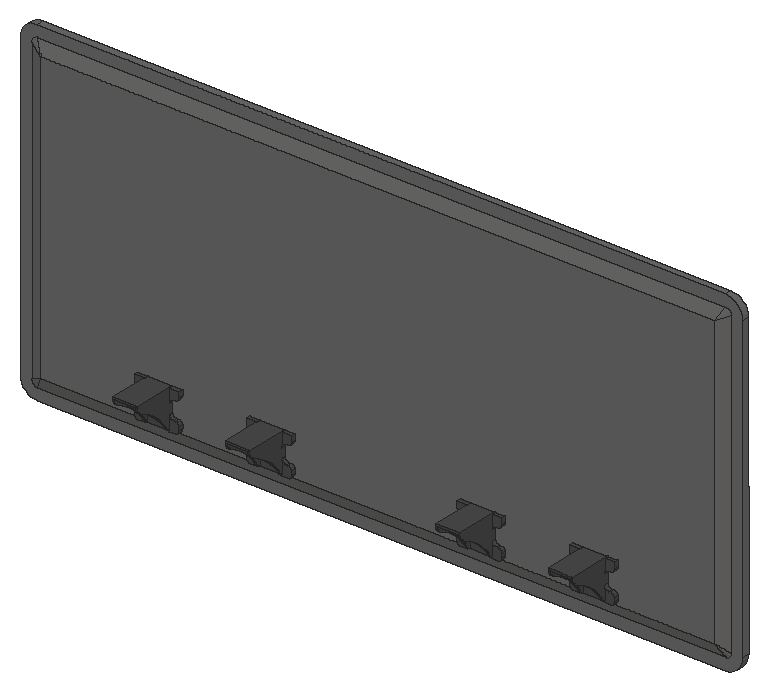
Revit family "Screens-Teknion-JNSEEH_Felt_Elevated_Height_Adjustable_Mounted-R2018", category Furniture, Revit 2018
Family settings
  OmniClass Number = 23.40.20.00
  OmniClass Title = General Furniture and Specialties
  Work Plane-Based = No
  Always vertical = Yes
  Cut with Voids When Loaded = No
  Shared = Yes
  Room Calculation Point = No
Parameters (values of type "22" from Floor Modesty Base Height, 51" Datum Height")
  Width [instance] = 61.000"
  Warranty = "http://www.teknion.com/ca/papers/legal-canada"
  Unit Weight URL = "http://www.teknion.com/ca/tools/assets#&asset=bee6a381-b954-425e-8283-5a2de3a804f2,f828d448-4b62-4231-9e5f-9a8991c0ed77"
  URL = "www.teknion.com"
  To render please download texture images found here [instance] = "https://assets.teknion.com/web/5e81352c1dfdb467/revit-material-swatches/"
  Sustainability Data = "https://www.teknion.com/ca/tools/assets#&topic=216f99a5-57a0-44fc-b10a-9dee9b29ae4c&asset=444deb64-fe58-4b68-981e-f75e97781df7,b4ff2d81-9f2e-437d-9659-7cffb09c31cf"
  Series = "Expansion Cityline"  # constant formula
  Product Page URL = "https://www.teknion.com/ca/products/product-details?productlineid=9ad2a26e-8e7a-673b-a6c8-ff05004460c4"
  Product Line = "Expansion Cityline"  # constant formula
  Product Documentation Link = "https://www.teknion.com/pricing/expansion-cityline/pdfs/JNSEEH_ppg.pdf"
  Part Number = "JNSEEH"  # constant formula
  Outer Bracket Spacing [instance] = if(Width > 30.000", 11.095", 6.469")  # 11.095"
  Modesty Base Height = 22.350"
  Model = "JNSEEH2251__SR"
  Manufacturer Phone = "416-661-3370"  # constant formula
  Manufacturer Fax = "416.661.4586"  # constant formula
  Manufacturer Contact Information = "http://www.teknion.com/ca/contactus"
  Manufacturer Address = "1150 Flint Road, Toronto, ON. M3J 2J5. Canada"  # constant formula
  Manufacturer = "Teknion"  # constant formula
  Inner Bracket Visibility [instance] = if(Width > 50.000", 1 < 2, 1 > 2)  # yes
  Inner Bracket Spacing [instance] = if(Width > 62.000", 12.000", 9.500")  # 9.500"
  How To Use Teknion Materials User Guide [instance] = "https://assets.teknion.com/m/205dd0a49fa58060/original/How-to-add-a-Material-Library-and-Texture-Images-to-your-Revit-project.pdf"
  Height = 50.830"
  For Additional Finishes please visit [instance] = "https://assets.teknion.com/m/44a8009b046e5d47/original/Teknion_Materials_Library.zip"
  Felt Finish [instance] = Fabric-Teknion-RB11-Carbon
  Description = "Felt Elevated Screen – Height-Adjustable Table Mounted, 22\" Modesty Base Height from Floor, 51\" Datum Height, Standard Width, Radius Corner Detail"
  Available Widths [instance] = "23, 29, 46, 49, 52, 55, 58, 61, 64, 67, 70, 73, 76, 79, or 82 inches."  # constant formula
  Assembly Code = "E2020200"
Types (5): name | Modesty Base Height | Model | Height | Description
  (no name) | 22.350" | "JNSEEH2251__SR" | 50.830" | "Felt Elevated Screen – Height-Adjustable Table Mounted, 22\" Modesty Base Height from Floor, 51\" Datum Height, Standard Width, Radius Corner Detail"
  18" from Floor Modesty Base Height, 42" Datum Height | 18.250" | "JNSEEH1842__SR" | 42.000" | "Felt Elevated Screen – Height-Adjustable Table Mounted, 18\" Modesty Base Height from Floor, 42\" Datum Height, Standard Width, Radius Corner Detail"
  18" from Floor Modesty Base Height, 51" Datum Height | 18.250" | "JNSEEH1851__SR" | 50.830" | "Felt Elevated Screen – Height-Adjustable Table Mounted, 18\" Modesty Base Height from Floor, 51\" Datum Height, Standard Width, Radius Corner Detail"
  22" from Floor Modesty Base Height, 42" Datum Height | 22.350" | "JNSEEH2242__SR" | 42.000" | "Felt Elevated Screen – Height-Adjustable Table Mounted, 22\" Modesty Base Height from Floor, 42\" Datum Height, Standard Width, Radius Corner Detail"
  22" from Floor Modesty Base Height, 51" Datum Height | 22.350" | "JNSEEH2251__SR" | 50.830" | "Felt Elevated Screen – Height-Adjustable Table Mounted, 22\" Modesty Base Height from Floor, 51\" Datum Height, Standard Width, Radius Corner Detail"
Reference planes (in)
  plane 1 "Center Front/Back": y = 0
  plane 2: z = 0
  plane 3 "Center Left/Right": x = 0
  plane 4 "Left": x = -30.5
  plane 5 "Right": x = 30.5
  plane 6 "Back": y = 0.70276
  plane 7 "Front": y = -0.70276
  plane 8 "Top": z = 50.83
  plane 9: z = 22.35
Forms (in)
  Sweep 1, solid, material "Fabric-Teknion-RB11-Carbon" <- "Felt Finish"
    path origin (0, 0, 0) x (1, 0, 0) y (0, 1, 0)
      loop
        line (0, -0.27559) -> (0, 0.27559)
    profile origin (0, 0, 0) x (-1, 0, 0) y (0, 0, 1)
      loop
        line (29, 50.83) -> (-29, 50.83)
        arc (-29, 50.83) -> (-30.06066, 50.39066) -> (-30.5, 49.33) r 1.5
        line (-30.5, 49.33) -> (-30.5, 23.85)
        arc (-30.5, 23.85) -> (-30.06066, 22.78934) -> (-29, 22.35) r 1.5
        line (-29, 22.35) -> (29, 22.35)
        arc (29, 22.35) -> (30.06066, 22.78934) -> (30.5, 23.85) r 1.5
        line (30.5, 23.85) -> (30.5, 49.33)
        arc (30.5, 49.33) -> (30.06066, 50.39066) -> (29, 50.83) r 1.5
  Blend 2, solid, material "Fabric-Teknion-RB11-Carbon" <- "Felt Finish"
    base sketch origin (0, 0, 0) x (1, 0, 0) y (0, 0, 1)
      loop
        arc (-29, 49.83) -> (-29.35355, 49.68355) -> (-29.5, 49.33) r 0.5
        line (-29.5, 49.33) -> (-29.5, 23.85)
        arc (-29.5, 23.85) -> (-29.35355, 23.49645) -> (-29, 23.35) r 0.5
        line (-29, 23.35) -> (29, 23.35)
        arc (29, 23.35) -> (29.35355, 23.49645) -> (29.5, 23.85) r 0.5
        line (29.5, 23.85) -> (29.5, 49.33)
        arc (29.5, 49.33) -> (29.35355, 49.68355) -> (29, 49.83) r 0.5
        line (29, 49.83) -> (-29, 49.83)
    top sketch origin (0, 0, 0) x (1, 0, 0) y (0, 0, 1)
      loop
        line (28.45166, 48.78166) -> (-28.45166, 48.78166) -> (-28.45166, 24.39834) -> (28.45166, 24.39834) -> (28.45166, 48.78166)
    from 0.27559 to 0.70276
  Blend 3, solid, material "Fabric-Teknion-RB11-Carbon" <- "Felt Finish"
    base sketch origin (0, 0.03125, 0) x (-1, 0, 0) y (0, 0, 1)
      loop
        arc (-29, 49.83) -> (-29.35355, 49.68355) -> (-29.5, 49.33) r 0.5
        line (-29.5, 49.33) -> (-29.5, 23.85)
        arc (-29.5, 23.85) -> (-29.35355, 23.49645) -> (-29, 23.35) r 0.5
        line (-29, 23.35) -> (29, 23.35)
        arc (29, 23.35) -> (29.35355, 23.49645) -> (29.5, 23.85) r 0.5
        line (29.5, 23.85) -> (29.5, 49.33)
        arc (29.5, 49.33) -> (29.35355, 49.68355) -> (29, 49.83) r 0.5
        line (29, 49.83) -> (-29, 49.83)
    top sketch origin (0, 0.03125, 0) x (-1, 0, 0) y (0, 0, 1)
      loop
        line (28.45166, 48.78166) -> (-28.45166, 48.78166) -> (-28.45166, 24.39834) -> (28.45166, 24.39834) -> (28.45166, 48.78166)
    from 0.24434 to 0.67151
  Sweep 4, solid, material "Paint - Teknion - 52 - Ebony"
    path origin (0, 0, 0) x (1, 0, 0) y (0, 1, 0)
      loop
        line (-17.3424, -2.45276) -> (-19.405, -2.45276)
    profile origin (-18.3737, -2.45276, 0) x (0, -1, 0) y (0, 0, 1)
      loop
        line (-1.75, 27.81102) -> (-1.75, 24.48031) -> (-1.60828, 24.48774)
        arc (-1.60828, 24.48774) -> (-1.44203, 24.53444) -> (-1.31185, 24.6479) r 0.39302
        arc (-1.31185, 24.6479) -> (-1.15514, 24.89222) -> (-0.98321, 25.12607) r 4.56045
        arc (-0.98321, 25.12607) -> (0.16898, 26.27532) -> (1.56283, 27.11526) r 6.74709
        arc (1.56283, 27.11526) -> (1.81666, 27.3329) -> (1.91142, 27.65354) r 0.5899
        line (1.91142, 27.65354) -> (1.91142, 27.81102) -> (-1.75, 27.81102)
  Sweep 5, void
    path origin (0, 0, 0) x (1, 0, 0) y (0, 1, 0)
      loop
        line (-18.37402, -4.94685) -> (-18.37402, -0.94685)
    profile origin (-18.37402, -2.94685, 0) x (-1, 0, 0) y (0, 0, 1)
      loop
        line (0.8735, 27.65354) -> (-0.8765, 27.65354) -> (-0.8765, 23.65354) -> (0.8735, 23.65354) -> (0.8735, 27.65354)
  Sweep 6, solid, material "Paint - Teknion - 52 - Ebony"
    path origin (0, 0, 0) x (1, 0, 0) y (0, 1, 0)
      loop
        line (-19.61621, -0.70276) -> (-19.61621, -1.03898)
    profile origin (-19.61621, -0.87087, 0) x (1, 0, 0) y (0, 0, 1)
      loop
        line (-0.64725, 27.81102) -> (-0.64725, 27.29921)
        arc (-0.64725, 27.29921) -> (-0.555, 27.0765) -> (-0.33229, 26.98425) r 0.31496
        line (-0.33229, 26.98425) -> (-0.18249, 26.98425)
        arc (-0.18249, 26.98425) -> (0.0959, 26.86894) -> (0.21121, 26.59055) r 0.3937
        line (0.21121, 26.59055) -> (0.21121, 27.81102) -> (-0.64725, 27.81102)
      loop
        arc (2.80989, 24.48031) -> (3.03785, 24.57474) -> (3.13227, 24.80269) r 0.32238
        line (3.13227, 24.80269) -> (3.13227, 25.11765)
        arc (3.13227, 25.11765) -> (3.04002, 25.34036) -> (2.81731, 25.43261) r 0.31496
        line (2.81731, 25.43261) -> (2.66751, 25.43261)
        arc (2.66751, 25.43261) -> (2.38912, 25.54793) -> (2.27381, 25.82632) r 0.3937
        line (2.27381, 25.82632) -> (2.27381, 24.48031) -> (2.80989, 24.48031)
      loop
        arc (-0.33229, 25.4252) -> (-0.555, 25.33295) -> (-0.64725, 25.11024) r 0.31496
        line (-0.64725, 25.11024) -> (-0.64725, 24.79528)
        arc (-0.64725, 24.79528) -> (-0.555, 24.57256) -> (-0.33229, 24.48031) r 0.31496
        line (-0.33229, 24.48031) -> (0.21121, 24.48031) -> (0.21121, 25.8189)
        arc (0.21121, 25.8189) -> (0.0959, 25.54051) -> (-0.18249, 25.4252) r 0.3937
        line (-0.18249, 25.4252) -> (-0.33229, 25.4252)
      loop
        arc (2.81731, 26.98425) -> (3.04002, 27.0765) -> (3.13227, 27.29921) r 0.31496
        line (3.13227, 27.29921) -> (3.13227, 27.81102) -> (2.27381, 27.81102) -> (2.27381, 26.59055)
        arc (2.27381, 26.59055) -> (2.38912, 26.86894) -> (2.66751, 26.98425) r 0.3937
        line (2.66751, 26.98425) -> (2.81731, 26.98425)
  Sweep 7, solid, material "Paint - Teknion - 52 - Ebony", visible <- "Inner Bracket Visibility"
    path origin (12, 0, 0) x (1, 0, 0) y (0, 1, 0)
      loop
        line (-19.8424, -2.45276) -> (-21.905, -2.45276)
    profile origin (-8.8737, -2.45276, 0) x (0, -1, 0) y (0, 0, 1)
      loop
        line (-1.75, 27.81102) -> (-1.75, 24.48031) -> (-1.60828, 24.48774)
        arc (-1.60828, 24.48774) -> (-1.44203, 24.53444) -> (-1.31185, 24.6479) r 0.39302
        arc (-1.31185, 24.6479) -> (-1.15514, 24.89222) -> (-0.98321, 25.12607) r 4.56045
        arc (-0.98321, 25.12607) -> (0.16898, 26.27532) -> (1.56283, 27.11526) r 6.74709
        arc (1.56283, 27.11526) -> (1.81666, 27.3329) -> (1.91142, 27.65354) r 0.5899
        line (1.91142, 27.65354) -> (1.91142, 27.81102) -> (-1.75, 27.81102)
  Sweep 8, void
    path origin (12, 0, 0) x (1, 0, 0) y (0, 1, 0)
      loop
        line (-28.87402, -4.94685) -> (-28.87402, -0.94685)
    profile origin (-16.87402, -2.94685, 0) x (-1, 0, 0) y (0, 0, 1)
      loop
        line (-7.1265, 27.65354) -> (-8.8765, 27.65354) -> (-8.8765, 23.65354) -> (-7.1265, 23.65354) -> (-7.1265, 27.65354)
  Sweep 9, solid, material "Paint - Teknion - 52 - Ebony", visible <- "Inner Bracket Visibility"
    path origin (12, 0, 0) x (1, 0, 0) y (0, 1, 0)
      loop
        line (-30.11621, -0.70276) -> (-30.11621, -1.03898)
    profile origin (-18.11621, -0.87087, 0) x (1, 0, 0) y (0, 0, 1)
      loop
        line (7.35275, 27.81102) -> (7.35275, 27.29921)
        arc (7.35275, 27.29921) -> (7.445, 27.0765) -> (7.66771, 26.98425) r 0.31496
        line (7.66771, 26.98425) -> (7.81751, 26.98425)
        arc (7.81751, 26.98425) -> (8.0959, 26.86894) -> (8.21121, 26.59055) r 0.3937
        line (8.21121, 26.59055) -> (8.21121, 27.81102) -> (7.35275, 27.81102)
      loop
        arc (10.80989, 24.48031) -> (11.03785, 24.57474) -> (11.13227, 24.80269) r 0.32238
        line (11.13227, 24.80269) -> (11.13227, 25.11765)
        arc (11.13227, 25.11765) -> (11.04002, 25.34036) -> (10.81731, 25.43261) r 0.31496
        line (10.81731, 25.43261) -> (10.66751, 25.43261)
        arc (10.66751, 25.43261) -> (10.38912, 25.54793) -> (10.27381, 25.82632) r 0.3937
        line (10.27381, 25.82632) -> (10.27381, 24.48031) -> (10.80989, 24.48031)
      loop
        arc (7.66771, 25.4252) -> (7.445, 25.33295) -> (7.35275, 25.11024) r 0.31496
        line (7.35275, 25.11024) -> (7.35275, 24.79528)
        arc (7.35275, 24.79528) -> (7.445, 24.57256) -> (7.66771, 24.48031) r 0.31496
        line (7.66771, 24.48031) -> (8.21121, 24.48031) -> (8.21121, 25.8189)
        arc (8.21121, 25.8189) -> (8.0959, 25.54051) -> (7.81751, 25.4252) r 0.3937
        line (7.81751, 25.4252) -> (7.66771, 25.4252)
      loop
        arc (10.81731, 26.98425) -> (11.04002, 27.0765) -> (11.13227, 27.29921) r 0.31496
        line (11.13227, 27.29921) -> (11.13227, 27.81102) -> (10.27381, 27.81102) -> (10.27381, 26.59055)
        arc (10.27381, 26.59055) -> (10.38912, 26.86894) -> (10.66751, 26.98425) r 0.3937
        line (10.66751, 26.98425) -> (10.81731, 26.98425)
  Sweep 10, solid, material "Paint - Teknion - 52 - Ebony", visible <- "Inner Bracket Visibility"
    path origin (45.74772, 0, 0) x (1, 0, 0) y (0, 1, 0)
      loop
        line (-35.84272, -2.45276) -> (-37.90531, -2.45276)
    profile origin (8.8737, -2.45276, 0) x (0, -1, 0) y (0, 0, 1)
      loop
        line (-1.75, 27.81102) -> (-1.75, 24.48031) -> (-1.60828, 24.48774)
        arc (-1.60828, 24.48774) -> (-1.44203, 24.53444) -> (-1.31185, 24.6479) r 0.39302
        arc (-1.31185, 24.6479) -> (-1.15514, 24.89222) -> (-0.98321, 25.12607) r 4.56045
        arc (-0.98321, 25.12607) -> (0.16898, 26.27532) -> (1.56283, 27.11526) r 6.74709
        arc (1.56283, 27.11526) -> (1.81666, 27.3329) -> (1.91142, 27.65354) r 0.5899
        line (1.91142, 27.65354) -> (1.91142, 27.81102) -> (-1.75, 27.81102)
  Sweep 11, void
    path origin (45.74772, 0, 0) x (1, 0, 0) y (0, 1, 0)
      loop
        line (-28.87402, -4.94685) -> (-28.87402, -0.94685)
    profile origin (16.8737, -2.94685, 0) x (-1, 0, 0) y (0, 0, 1)
      loop
        line (8.87382, 27.65354) -> (7.12382, 27.65354) -> (7.12382, 23.65354) -> (8.87382, 23.65354) -> (8.87382, 27.65354)
  Sweep 12, solid, material "Paint - Teknion - 52 - Ebony", visible <- "Inner Bracket Visibility"
    path origin (45.74772, 0, 0) x (1, 0, 0) y (0, 1, 0)
      loop
        line (-30.11621, -0.70276) -> (-30.11621, -1.03898)
    profile origin (15.63151, -0.87087, 0) x (1, 0, 0) y (0, 0, 1)
      loop
        line (-8.64757, 27.81102) -> (-8.64757, 27.29921)
        arc (-8.64757, 27.29921) -> (-8.55532, 27.0765) -> (-8.33261, 26.98425) r 0.31496
        line (-8.33261, 26.98425) -> (-8.18281, 26.98425)
        arc (-8.18281, 26.98425) -> (-7.90442, 26.86894) -> (-7.78911, 26.59055) r 0.3937
        line (-7.78911, 26.59055) -> (-7.78911, 27.81102) -> (-8.64757, 27.81102)
      loop
        arc (-5.19042, 24.48031) -> (-4.96246, 24.57474) -> (-4.86804, 24.80269) r 0.32238
        line (-4.86804, 24.80269) -> (-4.86804, 25.11765)
        arc (-4.86804, 25.11765) -> (-4.96029, 25.34036) -> (-5.183, 25.43261) r 0.31496
        line (-5.183, 25.43261) -> (-5.33281, 25.43261)
        arc (-5.33281, 25.43261) -> (-5.61119, 25.54793) -> (-5.72651, 25.82632) r 0.3937
        line (-5.72651, 25.82632) -> (-5.72651, 24.48031) -> (-5.19042, 24.48031)
      loop
        arc (-8.33261, 25.4252) -> (-8.55532, 25.33295) -> (-8.64757, 25.11024) r 0.31496
        line (-8.64757, 25.11024) -> (-8.64757, 24.79528)
        arc (-8.64757, 24.79528) -> (-8.55532, 24.57256) -> (-8.33261, 24.48031) r 0.31496
        line (-8.33261, 24.48031) -> (-7.78911, 24.48031) -> (-7.78911, 25.8189)
        arc (-7.78911, 25.8189) -> (-7.90442, 25.54051) -> (-8.18281, 25.4252) r 0.3937
        line (-8.18281, 25.4252) -> (-8.33261, 25.4252)
      loop
        arc (-5.183, 26.98425) -> (-4.96029, 27.0765) -> (-4.86804, 27.29921) r 0.31496
        line (-4.86804, 27.29921) -> (-4.86804, 27.81102) -> (-5.72651, 27.81102) -> (-5.72651, 26.59055)
        arc (-5.72651, 26.59055) -> (-5.61119, 26.86894) -> (-5.33281, 26.98425) r 0.3937
        line (-5.33281, 26.98425) -> (-5.183, 26.98425)
  Sweep 13, solid, material "Paint - Teknion - 52 - Ebony"
    path origin (57.74772, 0, 0) x (1, 0, 0) y (0, 1, 0)
      loop
        line (-38.34272, -2.45276) -> (-40.40531, -2.45276)
    profile origin (18.3737, -2.45276, 0) x (0, -1, 0) y (0, 0, 1)
      loop
        line (-1.75, 27.81102) -> (-1.75, 24.48031) -> (-1.60828, 24.48774)
        arc (-1.60828, 24.48774) -> (-1.44203, 24.53444) -> (-1.31185, 24.6479) r 0.39302
        arc (-1.31185, 24.6479) -> (-1.15514, 24.89222) -> (-0.98321, 25.12607) r 4.56045
        arc (-0.98321, 25.12607) -> (0.16898, 26.27532) -> (1.56283, 27.11526) r 6.74709
        arc (1.56283, 27.11526) -> (1.81666, 27.3329) -> (1.91142, 27.65354) r 0.5899
        line (1.91142, 27.65354) -> (1.91142, 27.81102) -> (-1.75, 27.81102)
  Sweep 14, void
    path origin (57.74772, 0, 0) x (1, 0, 0) y (0, 1, 0)
      loop
        line (-39.37402, -4.94685) -> (-39.37402, -0.94685)
    profile origin (18.3737, -2.94685, 0) x (-1, 0, 0) y (0, 0, 1)
      loop
        line (0.87382, 27.65354) -> (-0.87618, 27.65354) -> (-0.87618, 23.65354) -> (0.87382, 23.65354) -> (0.87382, 27.65354)
  Sweep 15, solid, material "Paint - Teknion - 52 - Ebony"
    path origin (57.74772, 0, 0) x (1, 0, 0) y (0, 1, 0)
      loop
        line (-40.61621, -0.70276) -> (-40.61621, -1.03898)
    profile origin (17.13151, -0.87087, 0) x (1, 0, 0) y (0, 0, 1)
      loop
        line (-0.64757, 27.81102) -> (-0.64757, 27.29921)
        arc (-0.64757, 27.29921) -> (-0.55532, 27.0765) -> (-0.33261, 26.98425) r 0.31496
        line (-0.33261, 26.98425) -> (-0.18281, 26.98425)
        arc (-0.18281, 26.98425) -> (0.09558, 26.86894) -> (0.21089, 26.59055) r 0.3937
        line (0.21089, 26.59055) -> (0.21089, 27.81102) -> (-0.64757, 27.81102)
      loop
        arc (2.80958, 24.48031) -> (3.03754, 24.57474) -> (3.13196, 24.80269) r 0.32238
        line (3.13196, 24.80269) -> (3.13196, 25.11765)
        arc (3.13196, 25.11765) -> (3.03971, 25.34036) -> (2.817, 25.43261) r 0.31496
        line (2.817, 25.43261) -> (2.66719, 25.43261)
        arc (2.66719, 25.43261) -> (2.38881, 25.54793) -> (2.27349, 25.82632) r 0.3937
        line (2.27349, 25.82632) -> (2.27349, 24.48031) -> (2.80958, 24.48031)
      loop
        arc (-0.33261, 25.4252) -> (-0.55532, 25.33295) -> (-0.64757, 25.11024) r 0.31496
        line (-0.64757, 25.11024) -> (-0.64757, 24.79528)
        arc (-0.64757, 24.79528) -> (-0.55532, 24.57256) -> (-0.33261, 24.48031) r 0.31496
        line (-0.33261, 24.48031) -> (0.21089, 24.48031) -> (0.21089, 25.8189)
        arc (0.21089, 25.8189) -> (0.09558, 25.54051) -> (-0.18281, 25.4252) r 0.3937
        line (-0.18281, 25.4252) -> (-0.33261, 25.4252)
      loop
        arc (2.817, 26.98425) -> (3.03971, 27.0765) -> (3.13196, 27.29921) r 0.31496
        line (3.13196, 27.29921) -> (3.13196, 27.81102) -> (2.27349, 27.81102) -> (2.27349, 26.59055)
        arc (2.27349, 26.59055) -> (2.38881, 26.86894) -> (2.66719, 26.98425) r 0.3937
        line (2.66719, 26.98425) -> (2.817, 26.98425)
Cuts and joins
  Sweep 5, Sweep 8, Sweep 11 cuts Sweep 4
  Sweep 8, Sweep 14 cuts Sweep 7
  Sweep 11 cuts Sweep 10
  Sweep 14 cuts Sweep 13
Lines and regions (in)
  Masking region 1
    outline origin (0, 0, 0) x (1, 0, 0) y (0, 1, 0)
      loop
        line (30.5, 0.27559) -> (-30.5, 0.27559) -> (-30.5, -0.27559) -> (30.5, -0.27559) -> (30.5, 0.27559)
  Masking region 2
    outline origin (0, 0, 0) x (1, 0, 0) y (0, 1, 0)
      loop
        line (29.5, 0.27559) -> (28.45166, 0.70276) -> (-28.45166, 0.70276) -> (-29.5, 0.27559) -> (29.5, 0.27559)
  Masking region 3
    outline origin (0, 0, 0) x (1, 0, 0) y (0, 1, 0)
      loop
        line (-28.45166, -0.70276) -> (28.45166, -0.70276) -> (29.5, -0.27559) -> (-29.5, -0.27559) -> (-28.45166, -0.70276)
  Masking region 4, detail levels medium+fine
    outline origin (0, 0, 0) x (1, 0, 0) y (0, 1, 0)
      loop
        line (-20.26346, -0.70276) -> (-20.26346, -1.03898) -> (-19.405, -1.03898) -> (-19.405, -0.70276) -> (-20.26346, -0.70276)
      loop
        line (-17.3424, -0.70276) -> (-17.3424, -1.03898) -> (-16.48394, -1.03898) -> (-16.48394, -0.70276) -> (-17.3424, -0.70276)
  Masking region 5, detail levels medium+fine
    outline origin (0, 0, 0) x (1, 0, 0) y (0, 1, 0)
      loop
        line (-19.405, -4.36417) -> (-17.3424, -4.36417) -> (-17.3424, -0.70276) -> (-19.405, -0.70276) -> (-19.405, -4.36417)
  Masking region 6, visible <- "Inner Bracket Visibility", detail levels medium+fine
    outline origin (0, 0, 0) x (1, 0, 0) y (0, 1, 0)
      loop
        line (-10.76346, -0.70276) -> (-10.76346, -1.03898) -> (-9.905, -1.03898) -> (-9.905, -0.70276) -> (-10.76346, -0.70276)
      loop
        line (-7.8424, -1.03898) -> (-6.98394, -1.03898) -> (-6.98394, -0.70276) -> (-7.8424, -0.70276) -> (-7.8424, -1.03898)
  Masking region 7, visible <- "Inner Bracket Visibility", detail levels medium+fine
    outline origin (0, 0, 0) x (1, 0, 0) y (0, 1, 0)
      loop
        line (-9.905, -0.70276) -> (-9.905, -4.36417) -> (-7.8424, -4.36417) -> (-7.8424, -0.70276) -> (-9.905, -0.70276)
  Masking region 8, visible <- "Inner Bracket Visibility", detail levels medium+fine
    outline origin (0, 0, 0) x (1, 0, 0) y (0, 1, 0)
      loop
        line (6.98394, -1.03898) -> (7.8424, -1.03898) -> (7.8424, -0.70276) -> (6.98394, -0.70276) -> (6.98394, -1.03898)
      loop
        line (9.905, -0.70276) -> (9.905, -1.03898) -> (10.76346, -1.03898) -> (10.76346, -0.70276) -> (9.905, -0.70276)
  Masking region 9, visible <- "Inner Bracket Visibility", detail levels medium+fine
    outline origin (0, 0, 0) x (1, 0, 0) y (0, 1, 0)
      loop
        line (7.8424, -4.36417) -> (9.905, -4.36417) -> (9.905, -0.70276) -> (7.8424, -0.70276) -> (7.8424, -4.36417)
  Masking region 10, detail levels medium+fine
    outline origin (0, 0, 0) x (1, 0, 0) y (0, 1, 0)
      loop
        line (16.48394, -1.03898) -> (17.3424, -1.03898) -> (17.3424, -0.70276) -> (16.48394, -0.70276) -> (16.48394, -1.03898)
      loop
        line (19.405, -1.03898) -> (20.26346, -1.03898) -> (20.26346, -0.70276) -> (19.405, -0.70276) -> (19.405, -1.03898)
  Masking region 11, detail levels medium+fine
    outline origin (0, 0, 0) x (1, 0, 0) y (0, 1, 0)
      loop
        line (17.3424, -0.70276) -> (17.3424, -4.36417) -> (19.405, -4.36417) -> (19.405, -0.70276) -> (17.3424, -0.70276)
  symbolic lines, style "FurnitureHiddenLines", detail levels medium+fine
    curve 1: line (-19.24752, -0.94685, 0) -> (-19.24752, -4.36417, 0)
    curve 2: line (-17.49752, -0.94685, 0) -> (-19.24752, -0.94685, 0)
    curve 3: line (-17.49752, -4.36417, 0) -> (-17.49752, -0.94685, 0)
    curve 16: line (17.49988, -0.94685, 0) -> (17.49988, -4.36417, 0)
    curve 17: line (19.24988, -0.94685, 0) -> (17.49988, -0.94685, 0)
    curve 18: line (19.24988, -4.36417, 0) -> (19.24988, -0.94685, 0)
  symbolic lines, style "FurnitureHiddenLines", detail levels fine
    curve 4: line (-17.49752, -1.14091, 0) -> (-17.3424, -1.14091, 0)
    curve 5: line (-19.405, -1.14091, 0) -> (-19.24752, -1.14091, 0)
    curve 19: line (17.3424, -1.14091, 0) -> (17.49988, -1.14091, 0)
    curve 20: line (19.24988, -1.14091, 0) -> (19.405, -1.14091, 0)
  symbolic lines, style "FurnitureHiddenLines", visible <- "Inner Bracket Visibility", detail levels medium+fine
    curve 6: line (-7.99752, -4.36417, 0) -> (-7.99752, -0.94685, 0)
    curve 7: line (-7.99752, -0.94685, 0) -> (-9.74752, -0.94685, 0)
    curve 8: line (-9.74752, -0.94685, 0) -> (-9.74752, -4.36417, 0)
    curve 13: line (7.99988, -0.94685, 0) -> (7.99988, -4.36417, 0)
    curve 14: line (9.74988, -0.94685, 0) -> (7.99988, -0.94685, 0)
    curve 15: line (9.74988, -4.36417, 0) -> (9.74988, -0.94685, 0)
  symbolic lines, style "FurnitureHiddenLines", visible <- "Inner Bracket Visibility", detail levels fine
    curve 9: line (-9.905, -1.14091, 0) -> (-9.74752, -1.14091, 0)
    curve 10: line (-7.99752, -1.14091, 0) -> (-7.8424, -1.14091, 0)
    curve 11: line (7.8424, -1.14091, 0) -> (7.99988, -1.14091, 0)
    curve 12: line (9.74988, -1.14091, 0) -> (9.905, -1.14091, 0)
  reference lines
    curve 21: line (-30.5, 0.70276, 0) -> (-30.5, -0.70276, 0)
    curve 22: line (30.5, 0.70276, 0) -> (30.5, -0.70276, 0)
Dimensions and locks (in)
  "Width": plane 4 "Left" to plane 5 "Right"
  plane 6 "Back" to plane 1 "Center Front/Back" to plane 7 "Front" = 0.70276" locked, 0.70276" locked
  "Height": plane 8 "Top" to level
  Blend 2 sketch curve to Blend 2 sketch curve to Blend 2 sketch curve to plane 4 "Left" = 0.000", 0.500" locked, 1.000" locked
  Blend 2 sketch curve to Blend 2 sketch curve to Blend 2 sketch curve to plane 5 "Right" = 0.000" locked, 0.500" locked, 1.000" locked
  plane 8 "Top" to Blend 2 sketch curve to Blend 2 sketch curve to Blend 2 sketch curve = 1.000" locked, 0.500" locked, 0.000" locked
  locked: Blend 2 sketch curve to plane 4 "Left" at 2.04834
  locked: plane 8 "Top" to Blend 2 sketch curve at 2.04834
  locked: Blend 2 sketch curve to plane 5 "Right" at 2.04834
  "Modesty Base Height": plane 9 to level
  Blend 2 sketch curve to Blend 2 sketch curve to Blend 2 sketch curve to plane 9 = 0.000" locked, 0.500" locked, 1.000" locked
  locked: Blend 2 sketch curve to plane 9 at 2.04834
  locked: plane 8 "Top" to Sweep 1 sketch curve at 1.5  (x2)
  locked: Sweep 1 sketch curve to plane 4 "Left" at 1.5  (x2)
  locked: Sweep 1 sketch curve to plane 5 "Right" at 1.5  (x2)
  locked: Sweep 1 sketch curve to plane 9 at 1.5  (x2)
  Blend 3 sketch curve to Blend 3 sketch curve to Blend 3 sketch curve to plane 5 "Right" = 0.000" locked, 0.500" locked, 1.000" locked
  Blend 3 sketch curve to Blend 3 sketch curve to Blend 3 sketch curve to plane 4 "Left" = 0.000" locked, 0.500" locked, 1.000" locked
  plane 8 "Top" to Blend 3 sketch curve to Blend 3 sketch curve to Blend 3 sketch curve = 1.000" locked, 0.500" locked, 0.000" locked
  Blend 3 sketch curve to Blend 3 sketch curve to Blend 3 sketch curve to plane 9 = 0.000" locked, 0.500" locked, 1.000" locked
  locked: Blend 3 sketch curve to plane 4 "Left" at 2.04834
  locked: plane 8 "Top" to Blend 3 sketch curve at 2.04834
  locked: Blend 3 sketch curve to plane 5 "Right" at 2.04834
  locked: Blend 3 sketch curve to plane 9 at 2.04834
  plane 7 "Front" to Sweep 4 sketch curve to Sweep 4 sketch curve to Sweep 4 sketch curve to Sweep 4 sketch curve to Sweep 4 sketch curve = 0.12115" locked, 0.02057" locked, 2.9298" locked, 0.5899" locked, 2.41149" locked
  level to Sweep 4 sketch curve to Sweep 4 sketch curve to Sweep 4 sketch curve to Sweep 4 sketch curve to Sweep 4 sketch curve to Sweep 4 sketch curve = 20.95854" locked, 3.52178" locked, 0.00743" locked, 0.39248" locked, 2.77332" locked, 0.15748" locked
  Sweep 5 sketch curve to Sweep 5 sketch curve to plane 1 "Center Front/Back" = 4.000" locked, 0.94685" locked
  locked: plane 4 "Left" to Sweep 5 sketch curve at 12.12598
  locked: Sweep 5 sketch curve to Sweep 5 sketch curve at 1.75
  Sweep 5 sketch curve to Sweep 5 sketch curve to level = 4.000" locked, 23.65354" locked
  locked: Sweep 6 sketch curve to plane 7 "Front" at 0.33622
  Sweep 6 sketch curve to Sweep 6 sketch curve to Sweep 6 sketch curve to Sweep 6 sketch curve to Sweep 6 sketch curve to Sweep 6 sketch curve to Sweep 6 sketch curve to Sweep 6 sketch curve to Sweep 6 sketch curve to Sweep 6 sketch curve to Sweep 6 sketch curve to Sweep 6 sketch curve to Sweep 6 sketch curve to Sweep 6 sketch curve to Sweep 6 sketch curve to Sweep 6 sketch curve = 0.31496" locked, 0.000" locked, 0.00742" locked, 0.14239" locked, 0.000" locked, 0.3937" locked, 0.000" locked, 2.0626" locked, 0.000" locked, 0.3937" locked, 0.000" locked, 0.1498" locked, 0.000" locked, 0.000" locked, 0.31496" locked
  Sweep 6 sketch curve to Sweep 6 sketch curve to Sweep 6 sketch curve to Sweep 6 sketch curve to Sweep 6 sketch curve to Sweep 6 sketch curve to Sweep 6 sketch curve to Sweep 6 sketch curve to plane 2 = 0.51181" locked, 0.70866" locked, 0.77165" locked, 0.3937" locked, 0.31496" locked, 0.31496" locked, 0.31496" locked, 24.48031" locked
  Sweep 6 sketch curve to Sweep 6 sketch curve to Sweep 6 sketch curve to Sweep 6 sketch curve to Sweep 6 sketch curve to Sweep 6 sketch curve to Sweep 6 sketch curve to Sweep 6 sketch curve to Sweep 6 sketch curve to level = 0.51181" locked, 0.31496" locked, 0.3937" locked, 0.76424" locked, 0.3937" locked, 0.31496" locked, 0.31496" locked, 0.32238" locked, 24.48031" locked
  locked: Sweep 4 sketch curve to Sweep 4 sketch curve at 2.0626
  "Outer Bracket Spacing": plane 4 "Left" to Sweep 4 sketch curve
  "Outer Bracket Spacing": plane 4 "Left" to Sweep 6 sketch curve
  locked: Sweep 5 sketch curve to Sweep 6 at 1.01594
  Sweep 7 sketch curve to Sweep 7 sketch curve to Sweep 7 sketch curve to Sweep 7 sketch curve to Sweep 7 sketch curve = 0.02057" locked, 2.9298" locked, 0.5899" locked, 2.41149" locked
  Sweep 7 sketch curve to Sweep 7 sketch curve to Sweep 7 sketch curve to Sweep 7 sketch curve to Sweep 7 sketch curve to Sweep 7 sketch curve = 3.52178" locked, 0.00743" locked, 0.39248" locked, 2.77332" locked, 0.15748" locked
  Sweep 8 sketch curve to Sweep 8 sketch curve to plane 7 "Front" = 4.000" locked, 0.24409" locked
  locked: Sweep 8 sketch curve to Sweep 8 sketch curve at 1.75
  locked: Sweep 8 sketch curve to Sweep 8 sketch curve at 4
  Sweep 9 sketch curve to Sweep 9 sketch curve to Sweep 9 sketch curve to Sweep 9 sketch curve to Sweep 9 sketch curve to Sweep 9 sketch curve to Sweep 9 sketch curve to Sweep 9 sketch curve to Sweep 9 sketch curve to Sweep 9 sketch curve to Sweep 9 sketch curve to Sweep 9 sketch curve to Sweep 9 sketch curve to Sweep 9 sketch curve to Sweep 9 sketch curve to Sweep 9 sketch curve = 0.31496" locked, 0.000" locked, 0.00742" locked, 0.14239" locked, 0.000" locked, 0.3937" locked, 0.000" locked, 2.0626" locked, 0.000" locked, 0.3937" locked, 0.000" locked, 0.1498" locked, 0.000" locked, 0.000" locked, 0.31496" locked
  Sweep 9 sketch curve to Sweep 9 sketch curve to Sweep 9 sketch curve to Sweep 9 sketch curve to Sweep 9 sketch curve to Sweep 9 sketch curve to Sweep 9 sketch curve to Sweep 9 sketch curve = 0.51181" locked, 0.70866" locked, 0.77165" locked, 0.3937" locked, 0.31496" locked, 0.31496" locked, 0.31496" locked
  Sweep 9 sketch curve to Sweep 9 sketch curve to Sweep 9 sketch curve to Sweep 9 sketch curve to Sweep 9 sketch curve to Sweep 9 sketch curve to Sweep 9 sketch curve to Sweep 9 sketch curve to Sweep 9 sketch curve = 0.51181" locked, 0.31496" locked, 0.3937" locked, 0.76424" locked, 0.3937" locked, 0.31496" locked, 0.31496" locked, 0.32238" locked
  locked: Sweep 7 sketch curve to Sweep 7 sketch curve at 2.0626
  locked: Sweep 8 sketch curve to Sweep 9 at 1.01594
  equal spacing: plane 4 "Left", plane 3 "Center Left/Right", plane 5 "Right"
  "Inner Bracket Spacing": cut or joined group of Sweep 4, Sweep 5, Sweep 8, Sweep 11 to Sweep 7 sketch curve
  "Inner Bracket Spacing": Sweep 9 sketch curve to Sweep 6
  Sweep 10 sketch curve to Sweep 10 sketch curve to Sweep 10 sketch curve to Sweep 10 sketch curve to Sweep 10 sketch curve = 0.02057" locked, 2.9298" locked, 0.5899" locked, 2.41149" locked
  Sweep 10 sketch curve to Sweep 10 sketch curve to Sweep 10 sketch curve to Sweep 10 sketch curve to Sweep 10 sketch curve to Sweep 10 sketch curve = 3.52178" locked, 0.00743" locked, 0.39248" locked, 2.77332" locked, 0.15748" locked
  locked: Sweep 11 sketch curve to Sweep 11 sketch curve at 4  (x2)
  locked: Sweep 11 sketch curve to Sweep 11 sketch curve at 1.75
  Sweep 12 sketch curve to Sweep 12 sketch curve to Sweep 12 sketch curve to Sweep 12 sketch curve to Sweep 12 sketch curve to Sweep 12 sketch curve to Sweep 12 sketch curve to Sweep 12 sketch curve to Sweep 12 sketch curve to Sweep 12 sketch curve to Sweep 12 sketch curve to Sweep 12 sketch curve to Sweep 12 sketch curve to Sweep 12 sketch curve to Sweep 12 sketch curve to Sweep 12 sketch curve = 0.31496" locked, 0.000" locked, 0.00742" locked, 0.14239" locked, 0.000" locked, 0.3937" locked, 0.000" locked, 2.0626" locked, 0.000" locked, 0.3937" locked, 0.000" locked, 0.1498" locked, 0.000" locked, 0.000" locked, 0.31496" locked
  Sweep 12 sketch curve to Sweep 12 sketch curve to Sweep 12 sketch curve to Sweep 12 sketch curve to Sweep 12 sketch curve to Sweep 12 sketch curve to Sweep 12 sketch curve to Sweep 12 sketch curve = 0.51181" locked, 0.70866" locked, 0.77165" locked, 0.3937" locked, 0.31496" locked, 0.31496" locked, 0.31496" locked
  Sweep 12 sketch curve to Sweep 12 sketch curve to Sweep 12 sketch curve to Sweep 12 sketch curve to Sweep 12 sketch curve to Sweep 12 sketch curve to Sweep 12 sketch curve to Sweep 12 sketch curve to Sweep 12 sketch curve = 0.51181" locked, 0.31496" locked, 0.3937" locked, 0.76424" locked, 0.3937" locked, 0.31496" locked, 0.31496" locked, 0.32238" locked
  locked: Sweep 10 sketch curve to Sweep 10 sketch curve at 2.0626
  locked: Sweep 11 sketch curve to Sweep 12 at 1.01594
  Sweep 13 sketch curve to Sweep 13 sketch curve to Sweep 13 sketch curve to Sweep 13 sketch curve to Sweep 13 sketch curve = 0.02057" locked, 2.9298" locked, 0.5899" locked, 2.41149" locked
  Sweep 13 sketch curve to Sweep 13 sketch curve to Sweep 13 sketch curve to Sweep 13 sketch curve to Sweep 13 sketch curve to Sweep 13 sketch curve = 3.52178" locked, 0.00743" locked, 0.39248" locked, 2.77332" locked, 0.15748" locked
  Sweep 14 sketch curve to Sweep 14 sketch curve to plane 7 "Front" = 4.000" locked, 0.24409" locked
  locked: Sweep 14 sketch curve to Sweep 14 sketch curve at 1.75
  Sweep 14 sketch curve to Sweep 14 sketch curve to level = 4.000" locked, 23.65354" locked
  Sweep 15 sketch curve to Sweep 15 sketch curve to Sweep 15 sketch curve to Sweep 15 sketch curve to Sweep 15 sketch curve to Sweep 15 sketch curve to Sweep 15 sketch curve to Sweep 15 sketch curve to Sweep 15 sketch curve to Sweep 15 sketch curve to Sweep 15 sketch curve to Sweep 15 sketch curve to Sweep 15 sketch curve to Sweep 15 sketch curve to Sweep 15 sketch curve to Sweep 15 sketch curve = 0.31496" locked, 0.000" locked, 0.00742" locked, 0.14239" locked, 0.000" locked, 0.3937" locked, 0.000" locked, 2.0626" locked, 0.000" locked, 0.3937" locked, 0.000" locked, 0.1498" locked, 0.000" locked, 0.000" locked, 0.31496" locked
  Sweep 15 sketch curve to Sweep 15 sketch curve to Sweep 15 sketch curve to Sweep 15 sketch curve to Sweep 15 sketch curve to Sweep 15 sketch curve to Sweep 15 sketch curve to Sweep 15 sketch curve = 0.51181" locked, 0.70866" locked, 0.77165" locked, 0.3937" locked, 0.31496" locked, 0.31496" locked, 0.31496" locked
  Sweep 15 sketch curve to Sweep 15 sketch curve to Sweep 15 sketch curve to Sweep 15 sketch curve to Sweep 15 sketch curve to Sweep 15 sketch curve to Sweep 15 sketch curve to Sweep 15 sketch curve to Sweep 15 sketch curve = 0.51181" locked, 0.31496" locked, 0.3937" locked, 0.76424" locked, 0.3937" locked, 0.31496" locked, 0.31496" locked, 0.32238" locked
  locked: Sweep 13 sketch curve to Sweep 13 sketch curve at 2.0626
  locked: Sweep 14 sketch curve to Sweep 15 at 1.01594
  "Outer Bracket Spacing": Sweep 13 sketch curve to plane 5 "Right"
  "Outer Bracket Spacing": Sweep 15 sketch curve to plane 5 "Right"
  "Inner Bracket Spacing": Sweep 10 sketch curve to cut or joined group of Sweep 13, Sweep 14
  "Inner Bracket Spacing": Sweep 12 sketch curve to Sweep 15
  plane 4 "Left" to Masking region 2 sketch curve to Masking region 2 sketch curve = 1.000" locked, 1.04834" locked
  locked: plane 6 "Back" to Masking region 2 sketch curve at 0.42717  (x2)
  Masking region 2 sketch curve to Masking region 2 sketch curve to plane 5 "Right" = 1.04834" locked, 1.000" locked
  Masking region 3 sketch curve to Masking region 3 sketch curve to plane 5 "Right" = 1.04834" locked, 1.000" locked
  locked: plane 7 "Front" to Masking region 3 sketch curve at 0.42717  (x2)
  plane 4 "Left" to Masking region 3 sketch curve to Masking region 3 sketch curve = 1.000" locked, 1.04834" locked
  aligned and locked: level to plane 2
  aligned and locked: plane 4 "Left" to Sweep 1 sketch curve
  aligned and locked: Sweep 1 sketch curve to plane 5 "Right"
  aligned and locked: plane 7 "Front" to Blend 2
  aligned and locked: Sweep 1 to Blend 2
  aligned and locked: plane 9 to Sweep 1 sketch curve
  aligned and locked: plane 6 "Back" to Blend 3
  aligned and locked: Blend 3 to Sweep 1
  aligned and locked: plane 7 "Front" to Sweep 4 sketch curve
  aligned and locked: plane 7 "Front" to Sweep 6 sketch curve
  aligned and locked: Masking region 1 sketch curve to Sweep 1  (x2)
  aligned and locked: Masking region 1 sketch curve to plane 4 "Left"
  aligned and locked: plane 5 "Right" to Masking region 1 sketch curve
  aligned and locked: Masking region 2 sketch curve to plane 6 "Back"
  aligned and locked: plane 7 "Front" to Masking region 3 sketch curve
  aligned and locked: Masking region 4 sketch curve to Sweep 6  (x6)
  aligned and locked: cut or joined group of Sweep 4, Sweep 5, Sweep 8, Sweep 11 to Masking region 4 sketch curve
  aligned and locked: Masking region 4 sketch curve to cut or joined group of Sweep 4, Sweep 5, Sweep 8, Sweep 11
  aligned and locked: Masking region 5 sketch curve to cut or joined group of Sweep 4, Sweep 5, Sweep 8, Sweep 11  (x4)
  aligned and locked: curve 1 to cut or joined group of Sweep 4, Sweep 5, Sweep 8, Sweep 11
  aligned and locked: curve 2 to cut or joined group of Sweep 4, Sweep 5, Sweep 8, Sweep 11
  aligned and locked: curve 3 to cut or joined group of Sweep 4, Sweep 5, Sweep 8, Sweep 11
  aligned and locked: curve 4 to cut or joined group of Sweep 4, Sweep 5, Sweep 8, Sweep 11
  aligned and locked: curve 5 to cut or joined group of Sweep 4, Sweep 5, Sweep 8, Sweep 11
  aligned and locked: Masking region 6 sketch curve to Sweep 9  (x6)
  aligned and locked: Blend 2 to Masking region 6 sketch curve
  aligned and locked: Sweep 9 to Masking region 6 sketch curve
  aligned and locked: Masking region 7 sketch curve to cut or joined group of Sweep 7, Sweep 8, Sweep 14  (x4)
  aligned and locked: curve 6 to cut or joined group of Sweep 7, Sweep 8, Sweep 14
  aligned and locked: curve 7 to cut or joined group of Sweep 7, Sweep 8, Sweep 14
  aligned and locked: curve 8 to cut or joined group of Sweep 7, Sweep 8, Sweep 14
  aligned and locked: curve 9 to cut or joined group of Sweep 7, Sweep 8, Sweep 14
  aligned and locked: curve 10 to cut or joined group of Sweep 7, Sweep 8, Sweep 14
  aligned and locked: Masking region 8 sketch curve to Sweep 12  (x4)
  aligned and locked: cut or joined group of Sweep 10, Sweep 11 to Masking region 8 sketch curve  (x2)
  aligned and locked: Masking region 8 sketch curve to cut or joined group of Sweep 10, Sweep 11  (x2)
  aligned and locked: Masking region 9 sketch curve to cut or joined group of Sweep 10, Sweep 11  (x4)
  aligned and locked: curve 11 to cut or joined group of Sweep 10, Sweep 11
  aligned and locked: curve 12 to cut or joined group of Sweep 10, Sweep 11
  aligned and locked: curve 13 to cut or joined group of Sweep 10, Sweep 11
  aligned and locked: curve 14 to cut or joined group of Sweep 10, Sweep 11
  aligned and locked: curve 15 to cut or joined group of Sweep 10, Sweep 11
  aligned and locked: Masking region 10 sketch curve to Sweep 15  (x5)
  aligned and locked: cut or joined group of Sweep 13, Sweep 14 to Masking region 10 sketch curve
  aligned and locked: Masking region 10 sketch curve to cut or joined group of Sweep 13, Sweep 14
  aligned and locked: Sweep 15 to Masking region 10 sketch curve
  aligned and locked: Masking region 11 sketch curve to cut or joined group of Sweep 13, Sweep 14  (x4)
  aligned and locked: curve 16 to cut or joined group of Sweep 13, Sweep 14
  aligned and locked: curve 17 to cut or joined group of Sweep 13, Sweep 14
  aligned and locked: curve 18 to cut or joined group of Sweep 13, Sweep 14
  aligned and locked: curve 19 to cut or joined group of Sweep 13, Sweep 14
  aligned and locked: curve 20 to cut or joined group of Sweep 13, Sweep 14
  aligned and locked: curve 21 to plane 4 "Left"
  aligned and locked: curve 22 to plane 5 "Right"
Automatic sketch dimensions
  Sweep 1 sketch curve to plane 3 "Center Left/Right" = 0.000"
  plane 1 "Center Front/Back" to Sweep 1 sketch curve = 0.27559"
  Sweep 1 sketch curve to plane 1 "Center Front/Back" = 0.27559"
  plane 7 "Front" to Sweep 4 sketch curve = 1.750"
  Sweep 4 sketch curve to Sweep 4 sketch curve = 1.71964"
  Sweep 4 sketch curve to Sweep 4 sketch curve = 1.35064"
  Sweep 4 sketch curve to Sweep 4 sketch curve = 0.29643"
  Sweep 4 sketch curve to Sweep 4 sketch curve = 0.000"
  plane 4 "Left" to Sweep 6 sketch curve = 10.88379"
  Sweep 6 sketch curve to Sweep 6 sketch curve = 0.000"  (x2)
  plane 7 "Front" to Sweep 7 sketch curve = 1.750"
  profile plane to Sweep 7 sketch curve = 1.750"
  Sweep 7 sketch curve to Sweep 7 sketch curve = 0.12115"
  Sweep 7 sketch curve to Sweep 7 sketch curve = 1.71964"
  level to Sweep 7 sketch curve = 20.95854"
  Sweep 7 sketch curve to Sweep 7 sketch curve = 1.35064"
  Sweep 7 sketch curve to Sweep 7 sketch curve = 0.29643"
  Sweep 7 sketch curve to Sweep 7 sketch curve = 0.000"
  Sweep 8 sketch curve to plane 3 "Center Left/Right" = 16.87402"
  level to Sweep 8 sketch curve = 23.65354"
  plane 7 "Front" to Sweep 9 sketch curve = 0.000"
  plane 7 "Front" to Sweep 9 sketch curve = 0.33622"
  Sweep 9 sketch curve to plane 3 "Center Left/Right" = 18.11621"
  profile plane to Sweep 9 sketch curve = 24.48031"
  Sweep 9 sketch curve to Sweep 9 sketch curve = 0.000"  (x3)
  plane 7 "Front" to Sweep 10 sketch curve = 1.750"
  profile plane to Sweep 10 sketch curve = 1.750"
  Sweep 10 sketch curve to Sweep 10 sketch curve = 0.12115"
  Sweep 10 sketch curve to Sweep 10 sketch curve = 1.71964"
  level to Sweep 10 sketch curve = 20.95854"
  Sweep 10 sketch curve to Sweep 10 sketch curve = 1.35064"
  Sweep 10 sketch curve to Sweep 10 sketch curve = 0.29643"
  Sweep 10 sketch curve to Sweep 10 sketch curve = 0.000"
  plane 7 "Front" to Sweep 11 sketch curve = 0.24409"
  plane 3 "Center Left/Right" to Sweep 11 sketch curve = 16.8737"
  level to Sweep 11 sketch curve = 23.65354"
  plane 7 "Front" to Sweep 12 sketch curve = 0.000"
  plane 7 "Front" to Sweep 12 sketch curve = 0.33622"
  plane 3 "Center Left/Right" to Sweep 12 sketch curve = 15.63151"
  level to Sweep 12 sketch curve = 24.48031"
  Sweep 12 sketch curve to Sweep 12 sketch curve = 0.000"  (x3)
  plane 7 "Front" to Sweep 13 sketch curve = 1.750"
  profile plane to Sweep 13 sketch curve = 1.750"
  Sweep 13 sketch curve to Sweep 13 sketch curve = 0.12115"
  Sweep 13 sketch curve to Sweep 13 sketch curve = 1.71964"
  level to Sweep 13 sketch curve = 20.95854"
  Sweep 13 sketch curve to Sweep 13 sketch curve = 1.35064"
  Sweep 13 sketch curve to Sweep 13 sketch curve = 0.29643"
  Sweep 13 sketch curve to Sweep 13 sketch curve = 0.000"
  plane 5 "Right" to Sweep 14 sketch curve = 12.1263"
  plane 7 "Front" to Sweep 15 sketch curve = 0.000"
  plane 7 "Front" to Sweep 15 sketch curve = 0.33622"
  plane 5 "Right" to Sweep 15 sketch curve = 13.36849"
  profile plane to Sweep 15 sketch curve = 24.48031"
  Sweep 15 sketch curve to Sweep 15 sketch curve = 0.000"  (x3)
  plane 7 "Front" to curve 1 = 3.66142"
  curve 1 to curve 3 = 0.000"
  curve 4 to curve 4 = 0.15512"
  curve 5 to curve 5 = 0.15748"
  plane 7 "Front" to curve 6 = 3.66142"
  curve 8 to curve 6 = 0.000"
  curve 9 to curve 9 = 0.15748"
  curve 10 to curve 10 = 0.15512"
  curve 11 to curve 11 = 0.15748"
  curve 12 to curve 12 = 0.15512"
  curve 13 to curve 11 = 3.22326"
  curve 13 to curve 15 = 0.000"
  plane 7 "Front" to curve 16 = 3.66142"
  curve 16 to curve 18 = 0.000"
  curve 19 to curve 19 = 0.15748"
  curve 20 to curve 20 = 0.15512"
  plane 7 "Front" to curve 21 = 0.000"
  curve 21 to plane 6 "Back" = 0.000"
  plane 7 "Front" to curve 22 = 0.000"
  curve 22 to plane 6 "Back" = 0.000"
